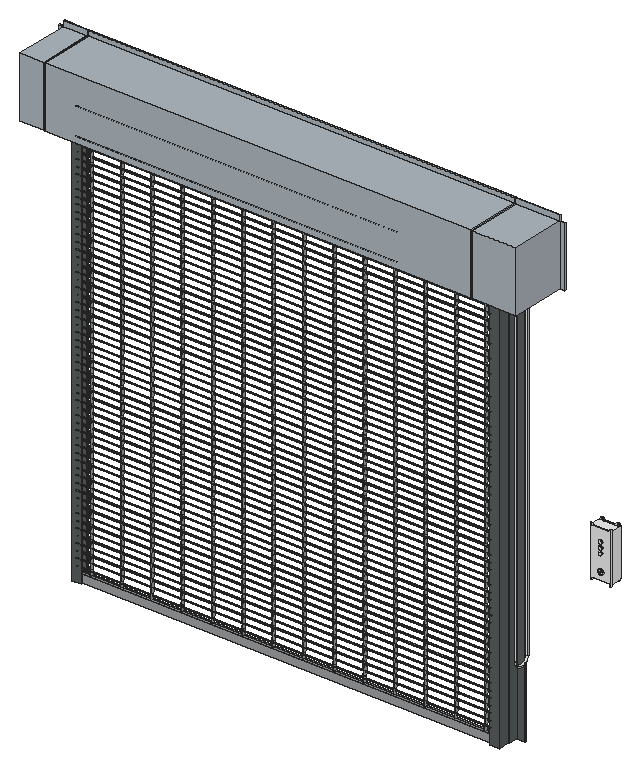
Revit family "Doors_Industrial_Wayne-Dalton_Springless-Rolling-Grilles-High-Cycle-Rolling-Grille-System-Model-600-HC", category Specialty Equipment, host Wall, Revit 2026
Family settings
  Host = Wall
  Round Connector Dimension = Use Diameter
  Part Type = Normal
  Classification Number = 23.30.10.21.34
  Enable Cutting in Views = No
  Always vertical = Yes
  Cut with Voids When Loaded = Yes
  Maintain Annotation Orientation = No
  Shared = No
  Room Calculation Point = No
Parameters (values of type "208 volts, one phase, 60 Hz (208-240V range)")
  Warning Sign [instance] = if(Calculated Area > 683.00 SF, 1 = 1, 1 = 2)  # no
  Warning (Note) [instance] = if(Warning Sign, "The Door Area is out of the limit; please adjust accordingly. The maximum allowed area is 683 sq. ft.", if(Opening Height > 360", "Headroom Clearance Dimensions - out of the limits. Consult Factory", " "))  # " "
  Wall Thickness [instance] = 6"
  Voltage = 208 V
  True Opening Width [instance] = Clear Width  # 120"
  True Opening Height [instance] = Clear Height  # 120"
  Default Elevation = 0"
  Curtain Option [instance] = 1
  Slat Length [instance] = Clear Width + G Value * 2 - 1" / 2 * 2  # 126"
  Slat Height [instance] = 8"  # constant formula
  Curtain Option Real [instance] = if(Curtain Option < 2, 1, 2)  # 1
  Product Page URL = "https://www.wayne-dalton.com/springless-rolling-grille-600hc"
  Power Factor = 1
  Powder Coat (Note) = "PowderGuard® Premium powder coat finish options are available in approximately 200 colors as well as custom matching to specification. PowderGuard® Textured finish, a thicker, more scratch resistant coat, is available in 11 colors providing enhanced scratch resistance as well as aiding in hiding the dirt and blemishes that often occur in commercial environments.​"  # constant formula
  Opening Width Real [instance] = if(Opening Width > Max Opening Width, Max Opening Width, if(Opening Width < Min Opening Width, Min Opening Width, Opening Width))  # 120"
  Opening Width [instance] = 120"
  Opening Height Real [instance] = if(Opening Height > Max Opening Height, Max Opening Height, if(Opening Height < Min Opening Height, Min Opening Height, Opening Height))  # 120"
  Opening Height [instance] = 120"
  One Array element [instance] = not(Array Vis)  # no
  Number of Poles = 1
  Motor Position [instance] = M Value - G Value  # 2 3/4"
  Min Opening Width [instance] = 18"  # constant formula
  Min Opening Height [instance] = 24"  # constant formula
  Max Opening Width [instance] = 360"  # constant formula
  Max Opening Height [instance] = 172"  # constant formula
  M Value [instance] = if(or(Opening Width < 108", Opening Width = 108"), 5 3/4", if(or(Opening Width < 180", Opening Width = 180"), 6 1/4", if(or(Opening Width < 240", Opening Width = 240"), 7 1/4", 9 1/4")))  # 6 1/4"
  Installation Real [instance] = Wall Thickness  # 6"
  Hood Type [instance] = "Square Hood"  # constant formula
  Hood Offset [instance] = 4"  # constant formula
  Hood Material [instance] = Metal - Wayne Dalton - Gray
  Hood Height [instance] = A Value + 2"  # 18"
  Headroom Height Real [instance] = Hood Offset + Hood Height  # 22"
  Headroom Height [instance] = Headroom Height Real + 1 1/2"  # 23 1/2"
  Guide Type [instance] = "Angled Z Guide"  # constant formula
  Guid Depth [instance] = D Value  # 6 1/4"
  G Value [instance] = if(or(Opening Width < 108", Opening Width = 108"), 3", if(or(Opening Width < 180", Opening Width = 180"), 3 1/2", if(or(Opening Width < 240", Opening Width = 240"), 4", 5 9/16")))  # 3 1/2"
  Frequency = 60 Hz
  Face of Wall Offset [instance] = 5"  # constant formula
  Door Width True [instance] = Clear Width + M Value * 2  # 132 1/2"
  Door Width (Real) [instance] = Clear Width + 1"  # 121"
  Door Height True [instance] = Clear Width + Headroom Height  # 143 1/2"
  Door Height (Real) [instance] = Clear Height + Hood Offset  # 124"
  URL = "https://www.wayne-dalton.com/"
  Product data url = "https://www.bimobject.com/wayne-dalton/product/springless-rolling-grille-600hc"
  Product Guid = "66f15c00-30e6-4ac5-96e9-2243ad7378c7"
  Model = "600 HC"  # constant formula
  Manufacturer = "Wayne Dalton"  # constant formula
  Wall Closure = By host
  Floor To (CL) of Shaft [instance] = Clear Height + Hood Height / 2 + Hood Offset  # 133"
  Finish Material = Finish - Wayne Dalton - Black
  Description = "Model 600 HC High Cycle Rolling Grille"  # constant formula
  D Value [instance] = if(or(Opening Width < 108", Opening Width = 108"), 5 11/16", if(or(Opening Width < 180", Opening Width = 180"), 6 1/4", if(or(Opening Width < 240", Opening Width = 240"), 6 3/16", 7 1/16")))  # 6 1/4"
  Curtain Type [instance] = if(Curtain Option < 2, "Lattice", "Brick")  # "Lattice"
  Curtain Material Type [instance] = 600 HC : Aluminum
  Curtain Material 2 [instance] = 600 HC : Stainless Steel
  Curtain Material 1 [instance] = 600 HC : Aluminum
  Clear Width [instance] = Opening Width Real  # 120"
  Clear Height [instance] = Opening Height Real  # 120"
  Current = 20 A
  Bottom Bar Selection [instance] = if(Curtain Material Type = Curtain Material 1, 1, 2)  # 1
  Backroom Depth [instance] = A Value + 1/2"  # 16 1/2"
  BJ Displacement Real [instance] = 0"  # constant formula
  Array Vis [instance] = if(Array < 2, 1 = 2, 1 = 1)  # yes
  Array Real [instance] = if(Array < 2, 2, Array)  # 16
  Array Length [instance] = (Array) * Slat Height  # 128"
  Array [instance] = rounddown(([Door Height (Real)] - 3") / Slat Height) + 1  # 16
  Calculated Area [instance] = [Door Width (Real)] * [Door Height (Real)]  # 104.194 SF
  Apparent Load Phase 3 = if(Number of Poles = 1, 0 VA, (Voltage * Current * sqrt(3)) / 3)  # 0 VA
  Apparent Load Phase 2 = if(Number of Poles = 1, 0 VA, (Voltage * Current * sqrt(3)) / 3)  # 0 VA
  Apparent Load Phase 1 = if(Number of Poles = 1, Voltage * Current, (Voltage * Current * sqrt(3)) / 3)  # 4160 VA
  A Value [instance] = if(or(Clear Height < 72", Clear Height = 72"), 14", if(or(Clear Height < 120", Clear Height = 120"), 16", 18"))  # 16"
Reference planes (in)
  plane 1 "Center (Front/Back)": y = -14.625
  plane 2 "Center (Left/Right)": x = 0
  plane 3 "Left": x = -60
  plane 4 "Right": x = 60
  plane 5 "Exterior": y = -8.625
  plane 6 "Interior": y = -14.625
  plane 7: x = 66.25
  plane 8: x = -66.25
  plane 9: z = 120
  plane 10 "Main": y = -20.125
  plane 11 "Backroom Depth": y = -32.125
  plane 12 "Main Door Block": y = -15.625
  plane 13 "Bottom Bar": z = 2.75
  plane 14: y = -20.875
  plane 15: z = 130.75
  plane 16: z = 142
  plane 17: z = 124
  plane 18: z = 143.5
  plane 19: z = 0
  plane 20: z = 60
  plane 21: y = -20.03125
  plane 22: y = 18.375
  plane 23: y = -41.625
  plane 24 "Headroom Top": z = 143.5
  plane 25: z = 133
  plane 26: x = 63.5
  plane 27: x = -63.5
  plane 28: z = 122.75
  plane 29: z = 2.75
  plane 30: y = -20.125
  plane 31: z = 122.75
  plane 32: y = -20.125
  plane 33: z = 10.75
  plane 34: y = -20.125
  plane 35: z = 18.75
  plane 36: y = -20.125
  plane 37: z = 26.75
  plane 38: y = -20.125
  plane 39: z = 34.75
  plane 40: y = -20.125
  plane 41: z = 42.75
  plane 42: y = -20.125
  plane 43: z = 50.75
  plane 44: y = -20.125
  plane 45: z = 58.75
  plane 46: y = -20.125
  plane 47: z = 66.75
  plane 48: y = -20.125
  plane 49: z = 74.75
  plane 50: y = -20.125
  plane 51: z = 82.75
  plane 52: y = -20.125
  plane 53: z = 90.75
  plane 54: y = -20.125
  plane 55: z = 98.75
  plane 56: y = -20.125
  plane 57: z = 106.75
  plane 58: y = -20.125
  plane 59: z = 114.75
  plane 60: y = -20.125
Forms (in)
  Extrusion 1, void
    sketch origin (0, -15.625, 0) x (0, 0, -1) y (-1, 0, 0)
      loop
        line (-120, 60) -> (-120, -60) -> (0, -60) -> (0, 60) -> (-120, 60)
    from 1 to 7
Text (in)
  text "Exterior" at (-74.96733, 27.31104, 0), in view "Ref. Level"
  text "Interior" at (-74.96733, -25.14366, 0), in view "Ref. Level"
  text "Exterior" at (0, 40.15149, 123.01588), in view "Right"
  text "Interior" at (0, -64.39139, 123.01588), in view "Right"
  text "Interior" at (0, -31.01599, 123.00693), in view "Left"
  text "Exterior" at (0, 54.57065, 123.00693), in view "Left"
Dimensions and locks (in)
  equal spacing: plane 3 "Left", plane 2 "Center (Left/Right)", plane 4 "Right"
  "Clear Width": plane 3 "Left" to plane 4 "Right"
  level to host wall = 459.59655"
  "Clear Height": level to plane 9
  plane 7 to plane 8 = 132 1/2"
  equal spacing: plane 7, plane 2 "Center (Left/Right)", plane 8
  locked: plane 13 "Bottom Bar" to level at 2.75
  "Door Width True": plane 7 to plane 8
  "Array Length": plane 15 to plane 13 "Bottom Bar"
  "Backroom Depth": plane 11 "Backroom Depth" to plane 12 "Main Door Block"
  "Hood Height": plane 16 to plane 17
  locked: plane 18 to plane 16 at 1.5
  "Installation Real": plane 1 "Center (Front/Back)" to plane 5 "Exterior"
  "Wall Thickness": host wall to host wall
  equal spacing: plane 9, plane 20, plane 19
  equal spacing: plane 22, host wall, plane 23
  locked: plane 22 to plane 23 at 60
  "Hood Offset": plane 17 to plane 9
  "Headroom Height": plane 24 "Headroom Top" to plane 9
  "Floor To (CL) of Shaft": plane 25 to level
  "Motor Position": plane 7 to plane 26
  "Motor Position": plane 27 to plane 8
  "Guid Depth": plane 14 to plane 1 "Center (Front/Back)"
  "Slat Height": plane 15 to plane 28
  equal spacing: group 2, group 16, group 15, group 14, group 13, group 12, group 11, group 10, group 9, group 8, group 7, group 6, group 5, group 4, group 3, group 1  (x2)
  equal spacing: group 1, group 3, group 4, group 5, group 6, group 7, group 8, group 9, group 10, group 11, group 12, group 13, group 14, group 15, group 16, group 2
  locked: plane 14 to plane 10 "Main" at 0.75
  locked: plane 14 to plane 21 at 0.84375
  aligned and locked: plane 5 "Exterior" to host wall
  aligned and locked: host wall to plane 6 "Interior"
  aligned and locked: level to Extrusion 1 sketch curve
  aligned and locked: Extrusion 1 to plane 5 "Exterior"
  aligned and locked: plane 6 "Interior" to Extrusion 1
  aligned and locked: nested 1 to plane 2 "Center (Left/Right)"
  aligned and locked: nested 1 to level
  aligned and locked: level to plane 19
  aligned and locked: nested 1 to plane 1 "Center (Front/Back)"
  aligned and locked: plane 2 "Center (Left/Right)" to nested 2
  aligned and locked: nested 2 to plane 22
  aligned and locked: plane 23 to nested 3
  aligned and locked: nested 3 to plane 2 "Center (Left/Right)"
  aligned and locked: nested 4 to plane 20
  aligned and locked: plane 2 "Center (Left/Right)" to nested 4
  aligned and locked: nested 4 to plane 21
  aligned and locked: plane 4 "Right" to Extrusion 1 sketch curve
  aligned and locked: plane 3 "Left" to Extrusion 1 sketch curve
  aligned and locked: Extrusion 1 sketch curve to plane 9
  aligned and locked: plane 13 "Bottom Bar" to plane 29
  aligned and locked: plane 30 to plane 10 "Main"
  aligned and locked: plane 32 to plane 10 "Main"
  aligned and locked: plane 28 to plane 31
Nested families (in)
  nested 1: "Lifts" at (0, -14.625, 0), type "Frame Unit"
    with Square Hood yes, Round Hood no, Right Motor Position yes, Octagon Hood no, No Hood no
  nested 2: "Label Annotation 1" at (0, 18.375, 0), visible <- "Warning Sign", type "Label Annotation 1"
  nested 3: "Label Annotation 1" at (0, -41.625, 0) x (-1, 0, 0) z (0, 0, 1), visible <- "Warning Sign", type "Label Annotation 1"
  nested 4: "Warning Sign" at (0, -20.03125, 60), visible <- "Warning Sign", type "Warning Sign"
    with Warning Sign no
  nested 5: "600 HC" at (0, -20.125, 2.75), type <- "Curtain Material Type", Opening Width <- "Slat Length", Slat Option <- "Curtain Option Real", type "Aluminum"
    with Step H 9", Slat Option 1, SetBack 2", Second Rod Position 1.38", Overall Height 8.38", Opening Width 126", Lattice yes, First Rod Position 1", Brick End yes, Brick no, Array Visibility yes, Array Real 13, Array Length 117.16", Array 13, 1 Element Visibility no
  nested 6: "600 HC" at (0, -20.125, 122.75), type <- "Curtain Material Type", Opening Width <- "Slat Length", Slat Option <- "Curtain Option Real", type "Aluminum"
    with Step H 9", Slat Option 1, SetBack 2", Second Rod Position 1.38", Overall Height 8.38", Opening Width 126", Lattice yes, First Rod Position 1", Brick End yes, Brick no, Array Visibility yes, Array Real 13, Array Length 117.16", Array 13, 1 Element Visibility no
  nested 7: "600 HC" at (0, -20.125, 10.75), type <- "Curtain Material Type", Opening Width <- "Slat Length", Slat Option <- "Curtain Option Real", type "Aluminum"
    with Step H 9", Slat Option 1, SetBack 2", Second Rod Position 1.38", Overall Height 8.38", Opening Width 126", Lattice yes, First Rod Position 1", Brick End yes, Brick no, Array Visibility yes, Array Real 13, Array Length 117.16", Array 13, 1 Element Visibility no
  nested 8: "600 HC" at (0, -20.125, 18.75), type <- "Curtain Material Type", Opening Width <- "Slat Length", Slat Option <- "Curtain Option Real", type "Aluminum"
    with Step H 9", Slat Option 1, SetBack 2", Second Rod Position 1.38", Overall Height 8.38", Opening Width 126", Lattice yes, First Rod Position 1", Brick End yes, Brick no, Array Visibility yes, Array Real 13, Array Length 117.16", Array 13, 1 Element Visibility no
  nested 9: "600 HC" at (0, -20.125, 26.75), type <- "Curtain Material Type", Opening Width <- "Slat Length", Slat Option <- "Curtain Option Real", type "Aluminum"
    with Step H 9", Slat Option 1, SetBack 2", Second Rod Position 1.38", Overall Height 8.38", Opening Width 126", Lattice yes, First Rod Position 1", Brick End yes, Brick no, Array Visibility yes, Array Real 13, Array Length 117.16", Array 13, 1 Element Visibility no
  nested 10: "600 HC" at (0, -20.125, 34.75), type <- "Curtain Material Type", Opening Width <- "Slat Length", Slat Option <- "Curtain Option Real", type "Aluminum"
    with Step H 9", Slat Option 1, SetBack 2", Second Rod Position 1.38", Overall Height 8.38", Opening Width 126", Lattice yes, First Rod Position 1", Brick End yes, Brick no, Array Visibility yes, Array Real 13, Array Length 117.16", Array 13, 1 Element Visibility no
  nested 11: "600 HC" at (0, -20.125, 42.75), type <- "Curtain Material Type", Opening Width <- "Slat Length", Slat Option <- "Curtain Option Real", type "Aluminum"
    with Step H 9", Slat Option 1, SetBack 2", Second Rod Position 1.38", Overall Height 8.38", Opening Width 126", Lattice yes, First Rod Position 1", Brick End yes, Brick no, Array Visibility yes, Array Real 13, Array Length 117.16", Array 13, 1 Element Visibility no
  nested 12: "600 HC" at (0, -20.125, 50.75), type <- "Curtain Material Type", Opening Width <- "Slat Length", Slat Option <- "Curtain Option Real", type "Aluminum"
    with Step H 9", Slat Option 1, SetBack 2", Second Rod Position 1.38", Overall Height 8.38", Opening Width 126", Lattice yes, First Rod Position 1", Brick End yes, Brick no, Array Visibility yes, Array Real 13, Array Length 117.16", Array 13, 1 Element Visibility no
  nested 13: "600 HC" at (0, -20.125, 58.75), type <- "Curtain Material Type", Opening Width <- "Slat Length", Slat Option <- "Curtain Option Real", type "Aluminum"
    with Step H 9", Slat Option 1, SetBack 2", Second Rod Position 1.38", Overall Height 8.38", Opening Width 126", Lattice yes, First Rod Position 1", Brick End yes, Brick no, Array Visibility yes, Array Real 13, Array Length 117.16", Array 13, 1 Element Visibility no
  nested 14: "600 HC" at (0, -20.125, 66.75), type <- "Curtain Material Type", Opening Width <- "Slat Length", Slat Option <- "Curtain Option Real", type "Aluminum"
    with Step H 9", Slat Option 1, SetBack 2", Second Rod Position 1.38", Overall Height 8.38", Opening Width 126", Lattice yes, First Rod Position 1", Brick End yes, Brick no, Array Visibility yes, Array Real 13, Array Length 117.16", Array 13, 1 Element Visibility no
  nested 15: "600 HC" at (0, -20.125, 74.75), type <- "Curtain Material Type", Opening Width <- "Slat Length", Slat Option <- "Curtain Option Real", type "Aluminum"
    with Step H 9", Slat Option 1, SetBack 2", Second Rod Position 1.38", Overall Height 8.38", Opening Width 126", Lattice yes, First Rod Position 1", Brick End yes, Brick no, Array Visibility yes, Array Real 13, Array Length 117.16", Array 13, 1 Element Visibility no
  nested 16: "600 HC" at (0, -20.125, 82.75), type <- "Curtain Material Type", Opening Width <- "Slat Length", Slat Option <- "Curtain Option Real", type "Aluminum"
    with Step H 9", Slat Option 1, SetBack 2", Second Rod Position 1.38", Overall Height 8.38", Opening Width 126", Lattice yes, First Rod Position 1", Brick End yes, Brick no, Array Visibility yes, Array Real 13, Array Length 117.16", Array 13, 1 Element Visibility no
  nested 17: "600 HC" at (0, -20.125, 90.75), type <- "Curtain Material Type", Opening Width <- "Slat Length", Slat Option <- "Curtain Option Real", type "Aluminum"
    with Step H 9", Slat Option 1, SetBack 2", Second Rod Position 1.38", Overall Height 8.38", Opening Width 126", Lattice yes, First Rod Position 1", Brick End yes, Brick no, Array Visibility yes, Array Real 13, Array Length 117.16", Array 13, 1 Element Visibility no
  nested 18: "600 HC" at (0, -20.125, 98.75), type <- "Curtain Material Type", Opening Width <- "Slat Length", Slat Option <- "Curtain Option Real", type "Aluminum"
    with Step H 9", Slat Option 1, SetBack 2", Second Rod Position 1.38", Overall Height 8.38", Opening Width 126", Lattice yes, First Rod Position 1", Brick End yes, Brick no, Array Visibility yes, Array Real 13, Array Length 117.16", Array 13, 1 Element Visibility no
  nested 19: "600 HC" at (0, -20.125, 106.75), type <- "Curtain Material Type", Opening Width <- "Slat Length", Slat Option <- "Curtain Option Real", type "Aluminum"
    with Step H 9", Slat Option 1, SetBack 2", Second Rod Position 1.38", Overall Height 8.38", Opening Width 126", Lattice yes, First Rod Position 1", Brick End yes, Brick no, Array Visibility yes, Array Real 13, Array Length 117.16", Array 13, 1 Element Visibility no
  nested 20: "600 HC" at (0, -20.125, 114.75), type <- "Curtain Material Type", Opening Width <- "Slat Length", Slat Option <- "Curtain Option Real", type "Aluminum"
    with Step H 9", Slat Option 1, SetBack 2", Second Rod Position 1.38", Overall Height 8.38", Opening Width 126", Lattice yes, First Rod Position 1", Brick End yes, Brick no, Array Visibility yes, Array Real 13, Array Length 117.16", Array 13, 1 Element Visibility no
Connectors (in)
  electrical at (91.25, -17.915, 60), driven by "Apparent Load Phase 1", driven by "Apparent Load Phase 2", driven by "Apparent Load Phase 3", driven by "Power Factor", driven by "Voltage", driven by "Number of Poles"
    settings: on nested 1, index 1, voltage 208 V, apparent load 0 VA, apparent load phase1 4160 VA, apparent load phase2 0 VA, apparent load phase3 0 VA, power factor 1, load classification "Other", number of poles 1, system type 31, power factor state 1, is connector primary yes, connector utility no, sub classification motor no, connector description "Electrical Connector"
Definition of nested family "Lifts"
  Parameters (values of type "Frame Unit")
    True Width = if(Between Jambs, Opening Width, Opening Width + 1/2")  # 120 1/2"
    Square Hood [instance] = if(Hood Option = 2, 1 = 1, 1 = 2)  # yes
    Slat Material2 = none
    Slat Material1 = none
    Slat 2 = not(Slat 1)  # no
    Slat 1 = BB V = 1  # yes
    Round Hood [instance] = if(Hood Option > 3, 1 = 1, 1 = 2)  # no
    Rough Width = 0"
    Rough Height = 0"
    Right Motor Position [instance] = yes
    Octagon Hood [instance] = if(Hood Option = 3, 1 = 1, 1 = 2)  # no
    No Hood [instance] = if(Hood Option < 2, 1 = 1, 1 = 2)  # no
    M Value = 6 1/4"
    Hood Type = if(Hood Option < 2, "No Hood", if(Hood Option = 2, "Square Hood", if(Hood Option = 3, "Octagon Hood", "Round Hood")))  # "Square Hood"
    Hood Option = 2
    Hood Offset = 4"
    Hood Height = Headroom Height Real - Hood Offset  # 18"
    Headroom Height Real = Headroom Height  # 22"
    Half Hood Height = Headroom Height - Hood Offset  # 18"
    G Value = 3 1/2"
    E Guide Width = if(Between Jambs, Guide Offset - G Value + BJ Connection Length - BJ Displacement * 2 / 3, 3")  # 3"
    E Guide Height = 3"  # constant formula
    Z Guide = 1 = 1  # yes
    Shaft Offset = if(Hood Height < Header Width, (Header Width - (Header Width - Hood Height)) / 2, Header Width / 2)  # 8 1/4"
    Shaft Length 2 = 18"  # constant formula
    Shaft Length 1 = 12"  # constant formula
    Setback = if(Between Jambs, 0", 1/2")  # 1/2"
    Opening Width = 120"
    Hood Material = none
    Headroom Height = 22"
    Header Width = 16 1/2"
    Opening Height = 120"
    Guide Type = if(Between Jambs, "Angled Between Jambs Z Guide", if(Guide Option > 1, "Angled Z Guide", "Angled E Guide"))  # "Angled Z Guide"
    Guide Option = if(Between Jambs, 1, 2)  # 2
    Guide Offset = BJ Displacement + G Value  # 3 1/2"
    Guide Z Wide = if(Between Jambs, Guide Offset - G Value + BJ Connection Length - BJ Displacement * 2 / 3, M Value - G Value)  # 2 3/4"
    Guide Z Height = 3"  # constant formula
    Floor To (CL) of Shaft = 133"
    Finish Material = none
    Face to Wall Mount = not(Between Jambs)  # yes
    E Guide = if(Between Jambs, 1 = 1, 1 = 2)  # no
    Default Elevation = 0"
    D Value = 6 1/4"
    Chain offset = if(Opening Height < 35", Opening Height - 5", 30")  # 30"
    Between Jambs = no
    BJ Position = if(Between Jambs, 1/4", 0")  # 0"
    BJ Displacement = 0"
    BJ Connection Length = 1 / 3 * BJ Displacement  # 0"
    BB V = 1
    Angled Guide = 1 = 1  # yes
    Additional Elements Material = none
    1 = 14.57"  # constant formula
  Reference planes (in)
    plane 1 "Center (Front/Back)": y = 0
    plane 2: z = 0
    plane 3 "Center (Left/Right)": x = 0
    plane 4 "Opening Height": z = 120
    plane 5: x = -72
    plane 6: x = 78
    plane 7: z = 142
    plane 8: y = 16.5
    plane 9 "Real Opening 2": x = -60
    plane 10 "Real Opening 1": x = 60
    plane 11: z = 124
    plane 12 "Main": y = 0
    plane 13: z = 133
    plane 14: x = 63.5
    plane 15: x = -63.5
    plane 16: x = -63.5
    plane 17: x = 63.5
    plane 18: y = 6.25
    plane 19: x = -63.25
    plane 20: x = 63.25
    plane 21: z = 143.5
    plane 22: y = 6.25
    plane 23: y = 5.125
    plane 24: y = 6.25
    plane 25: y = 5.125
    plane 26: y = 0.25
    plane 27: z = 124
    plane 28: z = 30
    plane 29: z = 0
    plane 30: x = 74
    plane 31: x = 91.25
    plane 32: z = 60
    plane 33: x = 88.2
    plane 34: x = 94.3
    plane 35: y = 3.54
    plane 36: x = 76.25
    plane 37: x = -70.25
    plane 38: y = 6.25
    plane 39: y = 5.125
    plane 40: y = 6.25
    plane 41: y = 5.125
  Forms (in)
    Extrusion 1, solid, material <- "Slat Material1", visible <- "Slat 1"
      sketch origin (0, 0, 0) x (0, 1, 0) y (0, 0, 1)
        loop
          line (5.4375, 2.375) -> (5.4375, 2.75) -> (4.8125, 2.75) -> (4.8125, 2.375) -> (5.4375, 2.375)
      from -63.25 to 63.25
    Extrusion 2, solid, material <- "Slat Material1", visible <- "Slat 1"
      sketch origin (0, 0, 0) x (0, 1, 0) y (0, 0, 1)
        loop
          line (5.4375, 2.375) -> (4.8125, 2.375) -> (4.8125, 0) -> (5.4375, 0) -> (5.4375, 2.375)
      from -63.25 to 63.25
    Extrusion 3, solid, material <- "Additional Elements Material"
      sketch origin (0, -5.35201, 0) x (0, 1, 0) y (0, 0, 1)
        loop
          circle (13.60201, 133) r 0.6
      from -70.25 to 76.25
    Extrusion 4, solid, material <- "Hood Material", visible <- "Square Hood"
      sketch origin (0, 0, 0) x (0, 1, 0) y (0, 0, 1)
        loop
          line (0, 124) -> (16.5, 124) -> (16.5, 143.5) -> (0, 143.5) -> (0, 124)
      from -63.25 to 63.25
    Extrusion 5, solid, material <- "Finish Material", visible <- "E Guide"
      sketch origin (0, 0, 0) x (1, 0, 0) y (0, 1, 0)
        loop
          line (60.5, 0) -> (63.5, 0) -> (63.5, 3) -> (63.4375, 3)
          arc (63.4375, 3) -> (63.30492, 2.94508) -> (63.25, 2.8125) r 0.1875
          line (63.25, 2.8125) -> (63.25, 0.25) -> (60.6875, 0.25)
          arc (60.6875, 0.25) -> (60.55492, 0.19508) -> (60.5, 0.0625) r 0.1875
          line (60.5, 0.0625) -> (60.5, 0)
        loop
          line (-60.5, 0) -> (-60.5, 0.0625)
          arc (-60.5, 0.0625) -> (-60.55492, 0.19508) -> (-60.6875, 0.25) r 0.1875
          line (-60.6875, 0.25) -> (-63.25, 0.25) -> (-63.25, 2.8125)
          arc (-63.25, 2.8125) -> (-63.30492, 2.94508) -> (-63.4375, 3) r 0.1875
          line (-63.4375, 3) -> (-63.5, 3) -> (-63.5, 0) -> (-60.5, 0)
      from 0 to 124
    Extrusion 6, solid, material <- "Finish Material", visible <- "Z Guide"
      sketch origin (0, 0, 0) x (1, 0, 0) y (0, 1, 0)
        loop
          line (66.25, 0) -> (66.25, 0.062)
          arc (66.25, 0.062) -> (66.19494, 0.19494) -> (66.062, 0.25) r 0.188
          line (66.062, 0.25) -> (63.75, 0.25) -> (63.75, 2.812)
          arc (63.75, 2.812) -> (63.69494, 2.94494) -> (63.562, 3) r 0.188
          line (63.562, 3) -> (63.5, 3) -> (63.5, 0) -> (66.25, 0)
        loop
          line (-66.25, 0) -> (-63.5, 0) -> (-63.5, 3) -> (-63.562, 3)
          arc (-63.562, 3) -> (-63.69494, 2.94494) -> (-63.75, 2.812) r 0.188
          line (-63.75, 2.812) -> (-63.75, 0.25) -> (-66.062, 0.25)
          arc (-66.062, 0.25) -> (-66.19494, 0.19494) -> (-66.25, 0.062) r 0.188
          line (-66.25, 0.062) -> (-66.25, 0)
      from 0 to 124
    Extrusion 7, solid, material <- "Finish Material", visible <- "Angled Guide"
      sketch origin (0, 0, 0) x (1, 0, 0) y (0, 1, 0)
        loop
          line (60.5, 6.25) -> (60.5, 6.187)
          arc (60.5, 6.187) -> (60.55477, 6.05477) -> (60.687, 6) r 0.187
          line (60.687, 6) -> (63.25, 6) -> (63.25, 4.25) -> (60.5, 4.25) -> (60.5, 4.187)
          arc (60.5, 4.187) -> (60.55477, 4.05477) -> (60.687, 4) r 0.187
          line (60.687, 4) -> (63, 4) -> (63, 2.3125) -> (63.25, 2.3125) -> (63.25, 2) -> (63.5, 2) -> (63.5, 6.25) -> (60.5, 6.25)
        loop
          line (-60.5, 6.25) -> (-63.5, 6.25) -> (-63.5, 2) -> (-63.25, 2) -> (-63.25, 2.3125) -> (-63, 2.3125) -> (-63, 4) -> (-60.687, 4)
          arc (-60.687, 4) -> (-60.55477, 4.05477) -> (-60.5, 4.187) r 0.187
          line (-60.5, 4.187) -> (-60.5, 4.25) -> (-63.25, 4.25) -> (-63.25, 6) -> (-60.687, 6)
          arc (-60.687, 6) -> (-60.55477, 6.05477) -> (-60.5, 6.187) r 0.187
          line (-60.5, 6.187) -> (-60.5, 6.25)
      from 0 to 124
    Extrusion 8, solid, material <- "Hood Material"
      sketch origin (0, 0, 0) x (-1, 0, 0) y (0, 0, 1)
        loop
          line (63.25, 124) -> (63.5, 124) -> (63.5, 142) -> (63.25, 142) -> (63.25, 124)
        loop
          line (-63.5, 124) -> (-63.25, 124) -> (-63.25, 142) -> (-63.5, 142) -> (-63.5, 124)
      from 0 to 16.5
    Extrusion 9, solid, material <- "Hood Material"
      sketch origin (0, 0, 0) x (1, 0, 0) y (0, 1, 0)
        loop
          line (-72, 0) -> (-63.5, 0) -> (-63.5, 16.5) -> (-72, 16.5) -> (-72, 0)
        loop
          line (78, 0) -> (78, 16.5) -> (63.5, 16.5) -> (63.5, 0) -> (78, 0)
      from 124 to 143.5
    Extrusion 10, void
      sketch origin (0, 0, 0) x (1, 0, 0) y (0, 0, 1)
        loop
          line (-72, 143.5) -> (-72, 124) -> (-70.5, 124) -> (-70.5, 142) -> (76.5, 142) -> (76.5, 120) -> (78, 120) -> (78, 143.5) -> (-72, 143.5)
      from -0.25 to -16.5
    Extrusion 11, void
      sketch origin (0, 0, 0) x (1, 0, 0) y (0, 0, 1)
        loop
          line (-72, 142) -> (-70.5, 142) -> (-70.5, 143.5) -> (-72, 143.5) -> (-72, 142)
        loop
          line (78, 142) -> (78, 143.5) -> (76.5, 143.5) -> (76.5, 142) -> (78, 142)
      from 0 to -0.25
    Sweep 12, solid, material <- "Additional Elements Material"
      path origin (74, -12.75, 1000) x (0, -1, 0) y (0, 0, 1)
        loop
          line (-26.53866, -876) -> (-26.53866, -970)
          arc (-26.53866, -970) -> (-24.10116, -972.4375) -> (-21.66366, -970) r 2.4375
          line (-21.66366, -970) -> (-21.66366, -876)
      profile origin (74, 13.78866, 77) x (-1, 0, 0) y (0, -1, 0)
        loop
          circle (0, 0.2675) r 0.2675
    Extrusion 13, solid, material <- "Additional Elements Material"
      sketch origin (91.25, 0, 60) x (1, 0, 0) y (0, 0, 1)
        loop
          line (-3.05, 6.9501) -> (-3.05, -6.9501) -> (-2.68608, -7.50057)
          arc (-2.68608, -7.50057) -> (-2.29289, -7.67009) -> (-1.98022, -7.37757) r 0.3909
          arc (-1.98022, -7.37757) -> (-1.82768, -7.14063) -> (-1.56135, -7.04853) r 0.43113
          line (-1.56135, -7.04853) -> (1.56135, -7.04853)
          arc (1.56135, -7.04853) -> (1.82768, -7.14063) -> (1.98022, -7.37757) r 0.43113
          arc (1.98022, -7.37757) -> (2.29289, -7.67009) -> (2.68608, -7.50057) r 0.3909
          line (2.68608, -7.50057) -> (3.05, -6.9501) -> (3.05, 6.9501) -> (2.68608, 7.50057)
          arc (2.68608, 7.50057) -> (2.29289, 7.67009) -> (1.98022, 7.37757) r 0.3909
          arc (1.98022, 7.37757) -> (1.82768, 7.14063) -> (1.56135, 7.04853) r 0.43113
          line (1.56135, 7.04853) -> (-1.56135, 7.04853)
          arc (-1.56135, 7.04853) -> (-1.82768, 7.14063) -> (-1.98022, 7.37757) r 0.43113
          arc (-1.98022, 7.37757) -> (-2.29289, 7.67009) -> (-2.68608, 7.50057) r 0.3909
          line (-2.68608, 7.50057) -> (-3.05, 6.9501)
      from 0 to -3.29
    Extrusion 14, solid, material <- "Additional Elements Material"
      sketch origin (91.25, 0, 60) x (1, 0, 0) y (0, 0, 1)
        loop
          line (3.05, -7.50057) -> (3.05, 7.50057) -> (2.68608, 7.50057) -> (2.68608, 6.9501) -> (-2.68608, 6.9501) -> (-2.68608, 7.50057) -> (-3.05, 7.50057) -> (-3.05, -7.50057) -> (-2.68608, -7.50057) -> (-2.68608, -6.9501) -> (2.68608, -6.9501) -> (2.68608, -7.50057) -> (3.05, -7.50057)
      from -3.54 to -3.29
    Extrusion 15, void
      sketch origin (100.25, 0, 60) x (0, -1, 0) y (0, 0, -1)
        loop
          line (-3.29, -7.6759) -> (-0.25, -7.6759) -> (-0.25, -6.9501) -> (-3.29, -6.9501) -> (-3.29, -7.6759)
        loop
          line (-3.29, 7.6759) -> (-3.29, 6.9501) -> (-0.25, 6.9501) -> (-0.25, 7.6759) -> (-3.29, 7.6759)
      from -12.05 to -5.95
    Extrusion 16, solid, material <- "Additional Elements Material"
      sketch origin (91.25, 0, 60) x (1, 0, 0) y (0, 0, 1)
        loop
          circle (0, -4.5) r 0.75
        loop
          circle (0, 3.35363) r 0.5
        loop
          circle (0, 1.85363) r 0.5
        loop
          circle (0, 0.35363) r 0.5
      from -3.54 to -3.66
    Extrusion 17, solid, material <- "Additional Elements Material"
      sketch origin (91.25, 0, 59.5) x (1, 0, 0) y (0, 0, 1)
        loop
          line (-0.6134, -3.85528) -> (-0.6134, -4.14472) -> (1.1366, -4.14472) -> (1.1366, -3.85528) -> (-0.6134, -3.85528)
      from -3.66 to -4.03743
    Extrusion 18, solid, material <- "Slat Material2", visible <- "Slat 2"
      sketch origin (0, 3.11593, 0) x (0, 1, 0) y (0, 0, 1)
        loop
          line (2.32157, 2.375) -> (2.32157, 2.75) -> (1.69657, 2.75) -> (1.69657, 2.375) -> (2.32157, 2.375)
      from -63.25 to 63.25
    Extrusion 19, solid, material <- "Slat Material2", visible <- "Slat 2"
      sketch origin (0, 3.11593, 0) x (0, 1, 0) y (0, 0, 1)
        loop
          line (2.32157, 2.375) -> (1.69657, 2.375) -> (1.69657, 0) -> (2.32157, 0) -> (2.32157, 2.375)
      from -63.25 to 63.25
  Cuts and joins
    Extrusion 10, Extrusion 11 cuts Extrusion 9
    Extrusion 10 cuts Extrusion 4
    Extrusion 15 cuts Extrusion 13
  Lines and regions (in)
    Masking region 1
      outline origin (0, 0, 0) x (1, 0, 0) y (0, 1, 0)
        loop
          line (-63.5, 16.5) -> (-63.5, 0) -> (63.5, 0) -> (63.5, 16.5) -> (-63.5, 16.5)
    Masking region 2
      outline origin (0, 0, 0) x (1, 0, 0) y (0, 1, 0)
        loop
          line (63.5, 0) -> (78, 0) -> (78, 0.25) -> (76.5, 0.25) -> (76.5, 16.5) -> (63.5, 16.5) -> (63.5, 0)
        loop
          line (-63.5, 0) -> (-63.5, 16.5) -> (-70.5, 16.5) -> (-70.5, 0.25) -> (-72, 0.25) -> (-72, 0) -> (-63.5, 0)
    Masking region 3
      outline origin (0, 0, 0) x (1, 0, 0) y (0, 1, 0)
        loop
          line (88.2, 3.54) -> (88.2, 0) -> (94.3, 0) -> (94.3, 3.54) -> (88.2, 3.54)
    Masking region 4
      outline origin (91.25, 0, 60) x (0, -1, 0) y (1, 0, 0)
        loop
          line (-3.54, -0.75) -> (-3.54, 0.75) -> (-3.66, 0.75) -> (-3.66, 1.1366) -> (-4.03743, 1.1366) -> (-4.03743, -0.6134) -> (-3.66, -0.6134) -> (-3.66, -0.75) -> (-3.54, -0.75)
    symbolic lines
      curve 1: line (-63.25, 0, 0) -> (-63.25, 16.5, 0)
      curve 2: line (63.25, 16.5, 0) -> (63.25, 0, 0)
      curve 4: line (-72, 0.25, 0) -> (78, 0.25, 0)
      curve 6: line (88.2, 3.29, 0) -> (94.3, 3.29, 0)
      curve 7: line (88.2, 0.25, 0) -> (94.3, 0.25, 0)
      curve 8: line (90.5, 3.66, 60) -> (92.3866, 3.66, 60)
    symbolic lines, visible <- "Octagon Hood"
      curve 3: line (-63.25, 12.69239, 0) -> (63.25, 12.69239, 0)
    reference lines
      curve 5: line (91.25, 0, 60) -> (100.25, 0, 60)
  Dimensions and locks (in)
    Extrusion 1 sketch curve to level = 2 3/8"
    locked: Extrusion 1 sketch curve to Extrusion 1 sketch curve at 0.625
    locked: Extrusion 2 sketch curve to level at 2.375
    "Headroom Height Real": plane 7 to plane 4 "Opening Height"
    plane 8 to plane 1 "Center (Front/Back)" = 16 1/2"
    "Opening Height": plane 4 "Opening Height" to level
    "Hood Offset": plane 11 to plane 4 "Opening Height"
    "BJ Position": plane 12 "Main" to plane 1 "Center (Front/Back)"
    "Header Width": plane 12 "Main" to plane 8
    "Floor To (CL) of Shaft": plane 13 to level
    "Shaft Offset": Extrusion 3 sketch curve to plane 8
    locked: Extrusion 2 sketch curve to Extrusion 2 sketch curve at 0.625
    "Guide Offset": plane 10 "Real Opening 1" to plane 14
    "Guide Offset": plane 15 to plane 9 "Real Opening 2"
    locked: Extrusion 5 sketch curve to Extrusion 5 sketch curve at 0.25  (x4)
    "E Guide Height": Extrusion 5 sketch curve to Extrusion 5 sketch curve  (x2)
    "E Guide Width": Extrusion 5 sketch curve to Extrusion 5 sketch curve  (x2)
    locked: Extrusion 6 sketch curve to Extrusion 6 sketch curve at 0.25  (x4)
    "Guide Z Wide": Extrusion 6 sketch curve to Extrusion 6 sketch curve  (x2)
    "Guide Z Height": Extrusion 6 sketch curve to Extrusion 6 sketch curve  (x2)
    locked: Extrusion 7 sketch curve to Extrusion 7 sketch curve at 0.25  (x8)
    locked: Extrusion 7 sketch curve to Extrusion 7 sketch curve at 2.25  (x2)
    locked: Extrusion 7 sketch curve to Extrusion 7 sketch curve at 4.25  (x2)
    locked: Extrusion 7 sketch curve to Extrusion 7 sketch curve at 0.3125  (x2)
    "Setback": plane 10 "Real Opening 1" to Extrusion 7 sketch curve
    "Setback": Extrusion 7 sketch curve to plane 9 "Real Opening 2"
    equal spacing: plane 15, plane 3 "Center (Left/Right)", plane 14
    "G Value": Extrusion 6 sketch curve to plane 9 "Real Opening 2"
    "G Value": plane 10 "Real Opening 1" to Extrusion 6 sketch curve
    "G Value": plane 10 "Real Opening 1" to plane 17
    "G Value": plane 16 to plane 9 "Real Opening 2"
    "Shaft Length 1": plane 5 to plane 9 "Real Opening 2"
    "Shaft Length 2": plane 6 to plane 10 "Real Opening 1"
    locked: Extrusion 2 to plane 17 at 0.25
    locked: Extrusion 2 to plane 16 at 0.25
    locked: plane 16 to plane 19 at 0.25
    locked: plane 20 to plane 17 at 0.25
    equal spacing: plane 9 "Real Opening 2", plane 3 "Center (Left/Right)", plane 10 "Real Opening 1"
    "Opening Width": plane 9 "Real Opening 2" to plane 10 "Real Opening 1"
    locked: plane 21 to plane 7 at 1.5
    "D Value": plane 1 "Center (Front/Back)" to plane 18
    "D Value": plane 22 to plane 1 "Center (Front/Back)"
    locked: plane 22 to plane 23 at 1.125
    equal spacing: Extrusion 1 sketch curve, plane 23, Extrusion 1 sketch curve
    "D Value": plane 24 to plane 1 "Center (Front/Back)"
    locked: plane 24 to plane 25 at 1.125
    equal spacing: Extrusion 2 sketch curve, plane 25, Extrusion 2 sketch curve
    "G Value": plane 10 "Real Opening 1" to Extrusion 7 sketch curve
    "G Value": Extrusion 7 sketch curve to plane 9 "Real Opening 2"
    locked: Extrusion 10 sketch curve to Extrusion 10 sketch curve at 1.5  (x2)
    locked: plane 26 to plane 12 "Main" at 0.25
    locked: Extrusion 11 sketch curve to Extrusion 11 sketch curve at 1.5  (x2)
    "Chain offset": plane 28 to plane 29
    locked: plane 30 to plane 6 at 4
    locked: plane 20 to plane 31 at 28
    locked: plane 32 to level at 60
    locked: curve 5 to curve 5 at 9
    plane 1 "Center (Front/Back)" to plane 35 = 3.54"
    equal spacing: plane 33, plane 31, plane 34
    locked: plane 33 to plane 34 at 6.1
    locked: plane 5 to plane 37 at 1.75
    locked: plane 36 to plane 6 at 1.75
    locked: Extrusion 18 sketch curve to Extrusion 18 sketch curve at 0.625
    locked: Extrusion 19 sketch curve to Extrusion 19 sketch curve at 0.625
    locked: plane 38 to plane 39 at 1.125
    equal spacing: Extrusion 18 sketch curve, plane 39, Extrusion 18 sketch curve
    locked: plane 40 to plane 41 at 1.125
    equal spacing: Extrusion 19 sketch curve, plane 41, Extrusion 19 sketch curve
    locked: Extrusion 19 sketch curve to Extrusion 19 sketch curve at 2.375
    locked: Extrusion 18 sketch curve to Extrusion 18 sketch curve at 0.375
    locked: Extrusion 18 sketch curve to level at 2.375
    "D Value": plane 12 "Main" to plane 40
    "D Value": plane 12 "Main" to plane 38
    radius of Extrusion 5 sketch curve = 3/16"  (x4)
    radius of Extrusion 6 sketch curve = 0.188"  (x4)
    locked: Extrusion 7 sketch curve to Extrusion 7 sketch curve (radius 0.187")  (x4)
    aligned and locked: plane 2 to level
    aligned and locked: Extrusion 4 sketch curve to plane 8
    aligned and locked: plane 13 to Extrusion 3 sketch curve
    aligned and locked: plane 12 "Main" to Extrusion 5 sketch curve  (x2)
    aligned and locked: Extrusion 5 sketch curve to plane 14
    aligned and locked: plane 15 to Extrusion 5 sketch curve
    aligned and locked: Extrusion 6 sketch curve to plane 1 "Center (Front/Back)"  (x2)
    aligned and locked: Extrusion 7 sketch curve to Extrusion 7 sketch curve  (x4)
    aligned and locked: plane 18 to Extrusion 7 sketch curve
    aligned and locked: Extrusion 7 sketch curve to plane 18
    aligned and locked: plane 12 "Main" to Extrusion 4 sketch curve
    aligned and locked: Extrusion 8 sketch curve to plane 11  (x2)
    aligned and locked: Extrusion 8 sketch curve to plane 7  (x2)
    aligned and locked: plane 16 to Extrusion 8 sketch curve
    aligned and locked: Extrusion 8 sketch curve to plane 17
    aligned and locked: Masking region 1 sketch curve to Extrusion 4
    aligned and locked: Masking region 1 to curve 2  (x2)
    aligned and locked: Masking region 1 to curve 1  (x2)
    aligned and locked: Extrusion 2 to Extrusion 1
    aligned and locked: Extrusion 1 to Extrusion 2
    aligned and locked: Masking region 1 to plane 16
    aligned and locked: Masking region 1 to plane 17
    aligned and locked: plane 19 to Extrusion 8 sketch curve
    aligned and locked: plane 20 to Extrusion 8 sketch curve
    aligned and locked: plane 19 to Extrusion 4
    aligned and locked: Extrusion 4 to plane 20
    aligned and locked: plane 8 to Extrusion 8
    aligned and locked: plane 19 to curve 3
    aligned and locked: plane 20 to curve 3
    aligned and locked: Extrusion 4 sketch curve to plane 11
    aligned and locked: Extrusion 6 to plane 11
    aligned and locked: plane 11 to Extrusion 5
    aligned and locked: plane 11 to Extrusion 7
    aligned and locked: Extrusion 9 sketch curve to plane 5
    aligned and locked: plane 16 to Extrusion 9 sketch curve
    aligned and locked: plane 1 "Center (Front/Back)" to Extrusion 9 sketch curve
    aligned and locked: Extrusion 9 sketch curve to plane 8  (x2)
    aligned and locked: Extrusion 9 sketch curve to plane 6
    aligned and locked: Extrusion 9 sketch curve to plane 14
    aligned and locked: Extrusion 9 sketch curve to plane 1 "Center (Front/Back)"
    aligned and locked: Extrusion 9 to plane 11
    aligned and locked: Extrusion 9 to plane 21
    aligned and locked: Extrusion 10 sketch curve to plane 21
    aligned and locked: Extrusion 10 sketch curve to plane 7
    aligned and locked: Extrusion 10 sketch curve to plane 5
    aligned and locked: Extrusion 10 sketch curve to plane 6
    aligned and locked: Extrusion 10 sketch curve to plane 11
    aligned and locked: Extrusion 10 sketch curve to plane 4 "Opening Height"
    aligned and locked: Extrusion 10 to plane 8
    aligned and locked: Extrusion 10 to plane 26
    aligned and locked: Extrusion 4 sketch curve to plane 21
    aligned and locked: Extrusion 11 sketch curve to plane 5
    aligned and locked: Extrusion 11 sketch curve to plane 6
    aligned and locked: Extrusion 11 sketch curve to plane 7
    aligned and locked: Extrusion 11 sketch curve to plane 21
    aligned and locked: plane 21 to Extrusion 11 sketch curve
    aligned and locked: plane 7 to Extrusion 11 sketch curve
    aligned and locked: plane 26 to Extrusion 11
    aligned and locked: Extrusion 11 to plane 1 "Center (Front/Back)"
    aligned and locked: Masking region 2 sketch curve to plane 14
    aligned and locked: Masking region 2 sketch curve to cut or joined group of Extrusion 9, Extrusion 10, Extrusion 11  (x5)
    aligned and locked: cut or joined group of Extrusion 9, Extrusion 10, Extrusion 11 to Masking region 2 sketch curve
    aligned and locked: Masking region 2 sketch curve to plane 6
    aligned and locked: plane 16 to Masking region 2 sketch curve
    aligned and locked: Masking region 2 sketch curve to plane 26
    aligned and locked: Masking region 2 sketch curve to plane 5
    aligned and locked: plane 1 "Center (Front/Back)" to Masking region 2 sketch curve
    aligned and locked: curve 4 to plane 26
    aligned and locked: plane 5 to curve 4
    aligned and locked: plane 27 to Sweep 12 sketch curve  (x2)
    aligned and locked: plane 28 to Sweep 12 sketch curve  (x2)
    aligned and locked: plane 11 to plane 27
    aligned and locked: level to plane 29
    aligned and locked: plane 31 to curve 5
    aligned and locked: curve 5 to plane 32
    aligned and locked: Extrusion 3 to plane 36
    aligned and locked: plane 37 to Extrusion 3
    aligned and locked: plane 35 to Masking region 3
    aligned and locked: plane 1 "Center (Front/Back)" to Extrusion 13
    aligned and locked: Extrusion 13 sketch curve to plane 34
    aligned and locked: Extrusion 13 sketch curve to plane 33
    aligned and locked: plane 34 to Masking region 3 sketch curve
    aligned and locked: Masking region 3 sketch curve to plane 33
    aligned and locked: Masking region 3 sketch curve to plane 35
    aligned and locked: plane 33 to Extrusion 15
    aligned and locked: Extrusion 15 to plane 34
    aligned and locked: plane 33 to curve 6
    aligned and locked: plane 34 to curve 6
    aligned and locked: plane 33 to curve 7
    aligned and locked: plane 34 to curve 7
    aligned and locked: plane 19 to Extrusion 18
    aligned and locked: Extrusion 18 to plane 20
    aligned and locked: Extrusion 19 to plane 20
    aligned and locked: plane 19 to Extrusion 19
    aligned and locked: level to Extrusion 19 sketch curve
  Automatic sketch dimensions
    curve 4 to plane 6 = 0"
    curve 7 to plane 26 = 0"
    curve 6 to plane 35 = 1/4"
    curve 3 to curve 1 = 3.80761"
    Masking region 1 sketch curve to plane 1 "Center (Front/Back)" = 0"
    Masking region 1 sketch curve to plane 15 = 0"
    Masking region 1 sketch curve to plane 14 = 0"
    Sweep 12 sketch curve to plane 8 = 2.71134"
    Sweep 12 sketch curve to Sweep 12 sketch curve = 2 7/16"
    Sweep 12 sketch curve to profile plane = 0"
    Sweep 12 sketch curve to profile plane = 0.2675"
    Extrusion 13 sketch curve to Extrusion 13 sketch curve = 0.36392"  (x2)
    Extrusion 13 sketch curve to Extrusion 13 sketch curve = 0.32608"  (x4)
    Extrusion 13 sketch curve to Extrusion 13 sketch curve = 0.79865"  (x2)
    Extrusion 13 sketch curve to Extrusion 13 sketch curve = 1.48865"
    curve 5 to Extrusion 13 sketch curve = 1.56135"
    Extrusion 13 sketch curve to Extrusion 13 sketch curve = 0.69"  (x2)
    Extrusion 13 sketch curve to curve 5 = 7.50057"  (x2)
    Extrusion 13 sketch curve to Extrusion 13 sketch curve = 0.0209"  (x2)
    Extrusion 13 sketch curve to Extrusion 13 sketch curve = 0.21557"  (x4)
    Extrusion 13 sketch curve to Extrusion 13 sketch curve = 0.43113"  (x3)
    Extrusion 13 sketch curve to Extrusion 13 sketch curve = 0.55048"  (x2)
    curve 5 to Extrusion 13 sketch curve = 6.9501"  (x2)
    Extrusion 13 sketch curve to Extrusion 13 sketch curve = 0.09844"
    Extrusion 13 sketch curve to Extrusion 13 sketch curve = 0.3349"  (x2)
    plane 1 "Center (Front/Back)" to Masking region 3 sketch curve = 0"
    Extrusion 14 sketch curve to curve 5 = 3.05"
    Extrusion 14 sketch curve to Extrusion 14 sketch curve = 0.36392"  (x3)
    curve 5 to Extrusion 14 sketch curve = 2.68608"  (x2)
    Extrusion 14 sketch curve to curve 5 = 7.50057"  (x2)
    Extrusion 14 sketch curve to Extrusion 14 sketch curve = 0.55048"  (x3)
    curve 5 to Extrusion 14 sketch curve = 6.9501"
    Extrusion 15 sketch curve to plane 26 = 0"  (x2)
    Extrusion 15 sketch curve to plane 35 = 1/4"  (x2)
    plane 32 to Extrusion 15 sketch curve = 7.6759"
    Extrusion 15 sketch curve to Extrusion 15 sketch curve = 0.7258"  (x2)
    Extrusion 15 sketch curve to plane 32 = 6.9501"
    Extrusion 16 sketch curve to curve 5 = 0"  (x3)
    curve 5 to Extrusion 16 sketch curve = 0"
    Extrusion 16 sketch curve to curve 5 = 4 1/2"
    curve 5 to Extrusion 16 sketch curve = 0.35363"
    curve 5 to Extrusion 16 sketch curve = 1.85363"
    curve 5 to Extrusion 16 sketch curve = 3.35363"
    Extrusion 17 sketch curve to curve 5 = 0.6134"
    curve 5 to Extrusion 17 sketch curve = 1.1366"
    Extrusion 17 sketch curve to curve 5 = 4.64472"
    Extrusion 17 sketch curve to Extrusion 17 sketch curve = 0.28943"
    Masking region 4 sketch curve to curve 5 = 4.03743"
    Masking region 4 sketch curve to Masking region 4 sketch curve = 0.37743"  (x2)
    Masking region 4 sketch curve to Masking region 4 sketch curve = 0.12"
    Masking region 4 sketch curve to curve 5 = 3/4"
    Masking region 4 sketch curve to Masking region 4 sketch curve = 0.1366"
    curve 5 to Masking region 4 sketch curve = 3/4"
    Masking region 4 sketch curve to Masking region 4 sketch curve = 0.3866"
    curve 8 to curve 5 = 3.66"
    curve 8 to curve 5 = 3/4"
    curve 5 to curve 8 = 1.1366"
    Extrusion 1 sketch curve to Extrusion 1 sketch curve = 3/8"
    Extrusion 2 sketch curve to level = 0"
    radius of Extrusion 3 sketch curve = 0.6"
    radius of Sweep 12 sketch curve = 0.2675"
    radius of Extrusion 16 sketch curve = 3/4"
    radius of Extrusion 16 sketch curve = 1/2"  (x3)
Definition of nested family "600 HC"
  Parameters (values of type "Stainless Steel")
    Step H [instance] = 9"  # constant formula
    Slat Width = 3/4"  # constant formula
    Slat Option [instance] = 1
    SetBack [instance] = 2"  # constant formula
    Second Rod Position [instance] = if(Lattice, 1.38", if(Brick, 2.38", 3.38"))  # 1.38"
    Panel Material = none
    Overall Height [instance] = if(Lattice, 8.38", if(Brick, 8.38", 12.38"))  # 8.38"
    Opening Width [instance] = 124"
    Lattice [instance] = if(Slat Option < 2, 1 = 1, 1 = 2)  # yes
    First Rod Position [instance] = if(Lattice, 1", 0")  # 1"
    Default Elevation = 48"
    Brick End [instance] = if(Brick, 1 = 2, 1 = 1)  # yes
    Brick [instance] = not(Lattice)  # no
    Array Visibility [instance] = if(Array < 2, 1 = 2, 1 = 1)  # yes
    Array Real [instance] = if(Array < 2, 2, Array)  # 12
    Array Length [instance] = (Array) * Step H + 0.16"  # 108.16"
    Array [instance] = rounddown((Opening Width) / Step H) - 1  # 12
    Analytic Construction = "<None>"
    1 Element Visibility [instance] = not(Array Visibility)  # no
  Types (2): name
    Stainless Steel
    Galvanized Steel
  Reference planes (in)
    plane 1 "Center (Front/Back)": y = 0
    plane 2: z = 0
    plane 3 "Center (Left/Right)": x = 0
    plane 4: x = -62
    plane 5: x = 62
    plane 6: y = 0.75
    plane 7: y = 0
    plane 8: z = 0
    plane 9: z = 1
    plane 10: y = 0.375
    plane 11 "Left": x = -54.08
    plane 12: x = -64
    plane 13: x = 64
    plane 14: z = 8.38
    plane 15: x = 54.08
    plane 16: x = 45.08
    plane 17: z = 7
    plane 18: x = 36.08
  Forms (in)
    Extrusion 1, solid, material <- "Panel Material"
      sketch origin (0, -4.98186, 2) x (0, 1, 0) y (0, 0, 1)
        loop
          circle (5.35686, -1) r 0.15625
        loop
          circle (5.35686, 1) r 0.16
      from -62 to 62
    Extrusion 2, solid, material <- "Panel Material"
      sketch origin (0, -4.98186, 2) x (0, 1, 0) y (0, 0, 1)
        loop
          circle (5.35686, 5) r 0.15625
        loop
          circle (5.35686, 3) r 0.16
      from -62 to 62
  Dimensions and locks (in)
    equal spacing: plane 4, plane 3 "Center (Left/Right)", plane 5
    "Opening Width": plane 4 to plane 5
    "Slat Width": plane 1 "Center (Front/Back)" to plane 6
    "First Rod Position": plane 9 to level
    equal spacing: plane 1 "Center (Front/Back)", plane 10, plane 6
    locked: plane 12 to plane 4 at 2
    locked: plane 13 to plane 5 at 2
    "Overall Height": plane 14 to level
    equal spacing: plane 11 "Left", plane 3 "Center (Left/Right)", plane 15
    "Array Length": plane 11 "Left" to plane 15
    "Step H": plane 16 to plane 15
    "Second Rod Position": plane 14 to plane 17
    "Step H": plane 18 to plane 16
    equal spacing: group 12, group 11, group 10, group 9, group 8, group 7, group 6, group 5, group 4, group 3, group 2, group 1
    equal spacing: group 1, group 2, group 3, group 4, group 5, group 6, group 7, group 8, group 9, group 10, group 11, group 12  (x2)
    "SetBack": plane 17 to Extrusion 2 sketch curve
    "SetBack": Extrusion 1 sketch curve to Extrusion 1 sketch curve
    radius of Extrusion 1 sketch curve = 5/32"
    radius of Extrusion 2 sketch curve = 5/32"
    radius of Extrusion 2 sketch curve = 0.16"
    radius of Extrusion 1 sketch curve = 0.16"
    aligned and locked: plane 2 to level
    aligned and locked: plane 1 "Center (Front/Back)" to plane 7
    aligned and locked: level to plane 8
    aligned and locked: plane 4 to Extrusion 1
    aligned and locked: plane 5 to Extrusion 1
    aligned and locked: plane 10 to Extrusion 1 sketch curve
    aligned and locked: plane 17 to Extrusion 2 sketch curve
    aligned and locked: plane 10 to Extrusion 2 sketch curve
    aligned and locked: plane 5 to Extrusion 2
    aligned and locked: plane 4 to Extrusion 2
    aligned and locked: nested 1 to plane 15
    aligned and locked: plane 8 to nested 1
    aligned and locked: plane 8 to nested 2
    aligned and locked: plane 8 to nested 3
    aligned and locked: nested 2 to plane 16
    aligned and locked: nested 3 to plane 18
    aligned and locked: plane 9 to Extrusion 1 sketch curve
    aligned and locked: plane 8 to nested 11
    aligned and locked: nested 11 to plane 16
  Automatic sketch dimensions
    Extrusion 1 sketch curve to plane 10 = 0"
    Extrusion 2 sketch curve to plane 10 = 0"
  Nested families (in)
    nested 1: "Family1" at (54.08, 0, 0), Individual Brick <- "Brick End", type "Family1"
      with Individual Brick yes
    nested 2: "Family1" at (45.08, 0, 0), visible <- "Array Visibility", type "Family1"
      with Individual Brick yes
    nested 3: "Family1" at (36.08, 0, 0), visible <- "Array Visibility", type "Family1"
      with Individual Brick yes
    nested 4: "Family1" at (27.08, 0, 0), visible <- "Array Visibility", type "Family1"
      with Individual Brick yes
    nested 5: "Family1" at (18.08, 0, 0), visible <- "Array Visibility", type "Family1"
      with Individual Brick yes
    nested 6: "Family1" at (9.08, 0, 0), visible <- "Array Visibility", type "Family1"
      with Individual Brick yes
    nested 7: "Family1" at (0.08, 0, 0), visible <- "Array Visibility", type "Family1"
      with Individual Brick yes
    nested 8: "Family1" at (-8.92, 0, 0), visible <- "Array Visibility", type "Family1"
      with Individual Brick yes
    nested 9: "Family1" at (-17.92, 0, 0), visible <- "Array Visibility", type "Family1"
      with Individual Brick yes
    nested 10: "Family1" at (-26.92, 0, 0), visible <- "Array Visibility", type "Family1"
      with Individual Brick yes
    nested 11: "Family1" at (45.08, 0, 0), visible <- "1 Element Visibility", type "Family1"
      with Individual Brick yes
    nested 12: "Family1" at (-35.92, 0, 0), visible <- "Array Visibility", type "Family1"
      with Individual Brick yes
    nested 13: "Family1" at (-44.92, 0, 0), visible <- "Array Visibility", type "Family1"
      with Individual Brick yes
    nested 14: "Family1" at (-53.92, 0, 0), visible <- "Array Visibility", type "Family1"
      with Individual Brick yes
  Definition of nested family "Family1"
    Parameters (values of type "Family1")
      Wide = 3/4"  # constant formula
      Slat Material = none
      SetBack = 2"  # constant formula
      Lattice = yes
      Individual Brick [instance] = yes
      Height = 8.38"  # constant formula
      Default Elevation = 48"
      Brick Offset = if(Brick, 4.34", 0")  # 0"
      Brick = no
    Reference planes (in)
      plane 1 "Center (Front/Back)": y = 0
      plane 2: z = 0
      plane 3 "Center (Left/Right)": x = 0
      plane 4: z = 8.38
      plane 5 "Brick": x = 0
      plane 6: z = 2
      plane 7: z = 0
      plane 8: z = 8.005
      plane 9: z = 6.005
      plane 10: z = 4.005
      plane 11: z = 2.005
      plane 12: z = 4
      plane 13: z = 6
    Forms (in)
      Extrusion 1, solid, material <- "Slat Material"
        sketch origin (0, 0, 0) x (0, 1, 0) y (0, 0, 1)
          loop
            line (0, 2) -> (0, 0)
            arc (0, 0) -> (0.375, -0.375) -> (0.75, 0) r 0.375
            line (0.75, 0) -> (0.75, 2)
            arc (0.75, 2) -> (0.375, 2.375) -> (0, 2) r 0.375
          loop
            line (0, 6) -> (0, 4)
            arc (0, 4) -> (0.375, 3.625) -> (0.75, 4) r 0.375
            line (0.75, 4) -> (0.75, 6)
            arc (0.75, 6) -> (0.375, 6.375) -> (0, 6) r 0.375
        from 0 to -0.16
      Extrusion 2, solid, material <- "Slat Material", visible <- "Individual Brick"
        sketch origin (0, -180, -12.72415) x (0, 0, -1) y (0, -1, 0)
          loop
            arc (-20.72915, -180) -> (-21.10415, -180.375) -> (-20.72915, -180.75) r 0.375
            line (-20.72915, -180.75) -> (-18.72915, -180.75)
            arc (-18.72915, -180.75) -> (-18.35415, -180.375) -> (-18.72915, -180) r 0.375
            line (-18.72915, -180) -> (-20.72915, -180)
          loop
            arc (-16.72915, -180) -> (-17.10415, -180.375) -> (-16.72915, -180.75) r 0.375
            line (-16.72915, -180.75) -> (-14.72915, -180.75)
            arc (-14.72915, -180.75) -> (-14.35415, -180.375) -> (-14.72915, -180) r 0.375
            line (-14.72915, -180) -> (-16.72915, -180)
        from 0 to -0.16
    Dimensions and locks (in)
      "Height": plane 4 to level
      "Brick Offset": plane 5 "Brick" to plane 3 "Center (Left/Right)"
      "Wide": Extrusion 1 sketch curve to Extrusion 1 sketch curve
      "SetBack": plane 6 to plane 7
      "Wide": Extrusion 2 sketch curve to Extrusion 2 sketch curve  (x2)
      "SetBack": plane 8 to plane 9
      locked: plane 4 to plane 8 at 0.375
      "SetBack": plane 9 to plane 10
      "SetBack": plane 10 to plane 11
      "SetBack": plane 12 to plane 6
      "SetBack": plane 13 to plane 12
      radius of Extrusion 1 sketch curve = 3/8"  (x4)
      radius of Extrusion 2 sketch curve = 3/8"  (x4)
      aligned and locked: plane 2 to level
      aligned and locked: level to plane 7
      aligned and locked: plane 6 to Extrusion 1 sketch curve  (x2)
      aligned and locked: plane 7 to Extrusion 1 sketch curve
      aligned and locked: plane 8 to Extrusion 2 sketch curve  (x2)
      aligned and locked: plane 9 to Extrusion 2 sketch curve
      aligned and locked: plane 10 to Extrusion 2 sketch curve  (x2)
      aligned and locked: plane 11 to Extrusion 2 sketch curve
      aligned and locked: plane 13 to Extrusion 1 sketch curve
      aligned and locked: plane 12 to Extrusion 1 sketch curve  (x2)
    Automatic sketch dimensions
      Extrusion 1 sketch curve to plane 1 "Center (Front/Back)" = 0"  (x2)
      Extrusion 2 sketch curve to plane 1 "Center (Front/Back)" = 0"  (x2)
Definition of nested family "Label Annotation 1"
  Parameters (values of type "Label Annotation 1-8")
    Label = "Area is too big. Please reduce Door Size."
  Reference planes (in)
    plane 1: y = 0
    plane 2: x = 0
  Text (in)
    label "Label" at (0.00375, -0.00345, 0), shows "Label"
Definition of nested family "Warning Sign"
  Parameters (values of type "Warning Sign")
    Warning Sign [instance] = no
    Default Elevation = 48"
  Reference planes (in)
    plane 1 "Center (Front/Back)": y = 0
    plane 2: z = 0
    plane 3 "Center (Left/Right)": x = 0
    plane 4: y = 0.5
    plane 5: y = -0.5
    plane 6: y = 1
    plane 7: y = 0.25
  Lines and regions (in)
    model lines
      curve 1: line (-2.26129, 1, 45.69444) -> (-26.3817, 1, 3.91667)
      curve 2: line (-25.25106, 1, 3.26389) -> (-1.13064, 1, 45.04167)
      curve 3: arc (2.26129, 1, 45.69444) -> (0, 1, 47) -> (-2.26129, 1, 45.69444) r 2.61111
      curve 4: arc (-1.13064, 1, 45.04167) -> (0, 1, 45.69444) -> (1.13064, 1, 45.04167) r 1.30556
      curve 5: line (1.13064, 1, 45.04167) -> (25.25106, 1, 3.26389)
      curve 6: line (26.3817, 1, 3.91667) -> (2.26129, 1, 45.69444)
      curve 7: arc (25.25106, 1, 3.26389) -> (25.25106, 1, 1.95833) -> (24.12041, 1, 1.30556) r 1.30556
      curve 8: arc (24.12041, 1, 0) -> (26.3817, 1, 1.30556) -> (26.3817, 1, 3.91667) r 2.61111
      curve 9: line (24.12041, 1, 1.30556) -> (-24.12041, 1, 1.30556)
      curve 10: line (-24.12041, 1, 0) -> (24.12041, 1, 0)
      curve 11: arc (-24.12041, 1, 1.30556) -> (-25.25106, 1, 1.95833) -> (-25.25106, 1, 3.26389) r 1.30556
      curve 12: arc (-26.3817, 1, 3.91667) -> (-26.3817, 1, 1.30556) -> (-24.12041, 1, 0) r 2.61111
      curve 13: arc (-2.29479, 1, 8.63537) -> (0, 1, 6.34057) -> (2.29479, 1, 8.63537) r 2.29479
      curve 14: arc (2.29479, 1, 8.63537) -> (0, 1, 10.93016) -> (-2.29479, 1, 8.63537) r 2.29479
      curve 15: arc (-1.6331, 1, 13.97069) -> (0.03439, 1, 12.53727) -> (1.69278, 1, 13.98121) r 1.68043
      curve 16: line (-3.77413, 1, 28.37873) -> (-1.6331, 1, 13.97069)
      curve 17: line (1.69278, 1, 13.98121) -> (3.73924, 1, 28.37873)
      curve 18: arc (3.73924, 1, 28.37873) -> (-0.01745, 1, 32.13541) -> (-3.77413, 1, 28.37873) r 3.75668
      curve 19: line (-2.26129, -0.5, 45.69444) -> (-26.3817, -0.5, 3.91667)
      curve 20: line (-25.25106, -0.5, 3.26389) -> (-1.13064, -0.5, 45.04167)
      curve 21: arc (2.26129, -0.5, 45.69444) -> (0, -0.5, 47) -> (-2.26129, -0.5, 45.69444) r 2.61111
      curve 22: arc (-1.13064, -0.5, 45.04167) -> (0, -0.5, 45.69444) -> (1.13064, -0.5, 45.04167) r 1.30556
      curve 23: line (1.13064, -0.5, 45.04167) -> (25.25106, -0.5, 3.26389)
      curve 24: line (26.3817, -0.5, 3.91667) -> (2.26129, -0.5, 45.69444)
      curve 25: arc (25.25106, -0.5, 3.26389) -> (25.25106, -0.5, 1.95833) -> (24.12041, -0.5, 1.30556) r 1.30556
      curve 26: arc (24.12041, -0.5, 0) -> (26.3817, -0.5, 1.30556) -> (26.3817, -0.5, 3.91667) r 2.61111
      curve 27: line (24.12041, -0.5, 1.30556) -> (-24.12041, -0.5, 1.30556)
      curve 28: line (-24.12041, -0.5, 0) -> (24.12041, -0.5, 0)
      curve 29: arc (-24.12041, -0.5, 1.30556) -> (-25.25106, -0.5, 1.95833) -> (-25.25106, -0.5, 3.26389) r 1.30556
      curve 30: arc (-26.3817, -0.5, 3.91667) -> (-26.3817, -0.5, 1.30556) -> (-24.12041, -0.5, 0) r 2.61111
      curve 31: arc (-2.29479, -0.5, 8.63537) -> (0, -0.5, 6.34057) -> (2.29479, -0.5, 8.63537) r 2.29479
